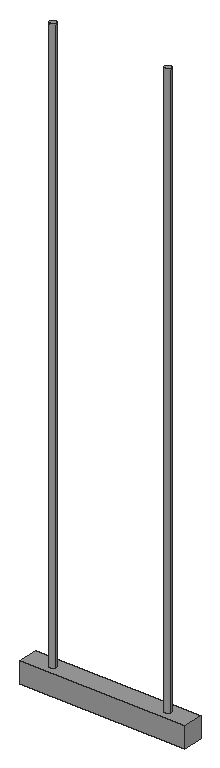
Revit family "Dyanmo Trapeze Hanger", category Duct Accessories, Revit 2019
Family settings
  Round Connector Dimension = Use Diameter
  Part Type = Attaches To
  Work Plane-Based = No
  Always vertical = Yes
  Cut with Voids When Loaded = No
  Shared = No
Parameters
  Unistrut length [instance] = 0' - 10.70469"
  Unistrut Depth [instance] = 0' - 1 5/8"
  Support height = 0' - 2"
  Outside Pipe Diameter [instance] = 0' - 6 3/4"
  Hanger Width [instance] = 0' - 6.70469"
  Fixing height = 4' - 0"
Reference planes (in)
  plane 1 "Center (Front/Back)": y = 0
  plane 2: z = 0
  plane 3 "Center (Left/Right)": x = 0
  plane 4: z = 50
  plane 5: x = 4.625
  plane 6: x = -4.625
  plane 7: x = 6.625
  plane 8: x = -6.625
  plane 9: y = 0.8125
  plane 10: y = -0.8125
  plane 11: z = 2
  plane 12: y = -0.8125
  plane 13: y = 0.8125
  plane 14: x = 3.375
  plane 15: x = -3.375
  plane 16: z = 3.625
Forms (in)
  Extrusion 1, solid, material "Default"
    sketch origin (3.35234, 0, 0) x (1, 0, 0) y (0, 1, 0)
      loop
        circle (1.27266, 0) r 0.25
    from 3.625 to 50
  Extrusion 2, solid, material "Default"
    sketch origin (-3.35234, 0, 0) x (1, 0, 0) y (0, 1, 0)
      loop
        circle (-1.27266, 0) r 0.25
    from 3.625 to 50
  Extrusion 3, solid, material "Default"
    sketch origin (0, 0, 0) x (1, 0, 0) y (0, 1, 0)
      loop
        line (-6.625, 0.8125) -> (-6.625, -0.8125) -> (6.625, -0.8125) -> (6.625, 0.8125) -> (-6.625, 0.8125)
    from 3.625 to 2
Dimensions and locks (in)
  level to plane 11 = 0' - 2"
  locked: plane 13 to plane 12 at 1.625
  locked: plane 8 to plane 6 at 2
  locked: plane 5 to plane 7 at 2
  "Outside Pipe Diameter": plane 15 to plane 14
  equal spacing: plane 6, plane 3 "Center (Left/Right)", plane 5
  locked: plane 14 to plane 5 at 1.25
  locked: plane 6 to plane 15 at 1.25
  "Unistrut Depth": plane 16 to plane 11
  plane 11 to plane 16 = 0' - 1 5/8"
  "Fixing height": plane 4 to plane 11
  "Support height": plane 11 to level
  aligned and locked: plane 2 to level
  aligned and locked: plane 8 to Extrusion 3 sketch curve
  aligned and locked: Extrusion 3 sketch curve to plane 9
  aligned and locked: Extrusion 3 sketch curve to plane 7
  aligned and locked: Extrusion 3 sketch curve to plane 10
  aligned and locked: plane 11 to Extrusion 3
  aligned and locked: plane 13 to Extrusion 3
  aligned and locked: plane 12 to Extrusion 3
  aligned and locked: plane 16 to Extrusion 3
  aligned and locked: Extrusion 1 to Extrusion 3
  aligned and locked: Extrusion 2 to Extrusion 3
  aligned and locked: Extrusion 1 to plane 4
  aligned and locked: Extrusion 2 to plane 4
Automatic sketch dimensions
  plane 1 "Center (Front/Back)" to Extrusion 1 sketch curve = 0' - 0"
  Extrusion 1 sketch curve to plane 5 = 0' - 0"
  plane 1 "Center (Front/Back)" to Extrusion 2 sketch curve = 0' - 0"
  Extrusion 2 sketch curve to plane 6 = 0' - 0"
  radius of Extrusion 1 sketch curve = 0' - 0 1/4"
  radius of Extrusion 2 sketch curve = 0' - 0 1/4"
